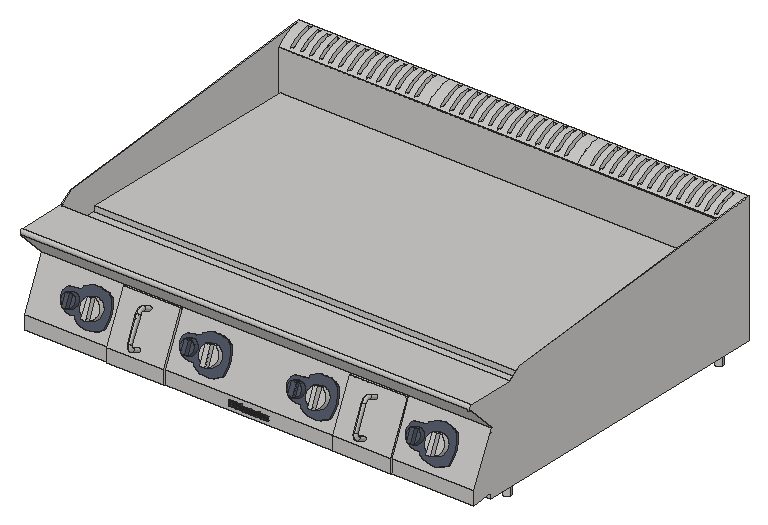
Revit family "QF_ELECTROLUXPROFESSIONAL_391593_E9IIMTAOMII", category Attrezzature speciali, Revit 2018 (continued)
Automatic sketch dimensions
  Extrusion 3 sketch curve to Extrusion 3 sketch curve = 0.002 mm
  Extrusion 3 sketch curve to Extrusion 3 sketch curve = 0.561 mm
  Extrusion 3 sketch curve to Extrusion 3 sketch curve = 0.592 mm
  Extrusion 3 sketch curve to Extrusion 3 sketch curve = 2.692 mm
  Extrusion 3 sketch curve to Extrusion 3 sketch curve = 1.259 mm
  Extrusion 3 sketch curve to Extrusion 3 sketch curve = 0.802 mm
  Extrusion 3 sketch curve to Extrusion 3 sketch curve = 1.024 mm
  Extrusion 3 sketch curve to Extrusion 3 sketch curve = 0.682 mm
  Extrusion 3 sketch curve to Extrusion 3 sketch curve = 5.934 mm
  Extrusion 3 sketch curve to Extrusion 3 sketch curve = 2.186 mm
  Extrusion 3 sketch curve to Extrusion 3 sketch curve = 0.337 mm
  Extrusion 3 sketch curve to Extrusion 3 sketch curve = 0.021 mm
  Extrusion 3 sketch curve to Extrusion 3 sketch curve = 1.005 mm
  Extrusion 3 sketch curve to Extrusion 3 sketch curve = 0.552 mm
  Extrusion 3 sketch curve to Extrusion 3 sketch curve = 0.778 mm
  Extrusion 3 sketch curve to Extrusion 3 sketch curve = 0.063 mm
  Extrusion 3 sketch curve to Extrusion 3 sketch curve = 1.023 mm
  Extrusion 3 sketch curve to Extrusion 3 sketch curve = 3.804 mm
  Extrusion 3 sketch curve to Extrusion 3 sketch curve = 0.486 mm
  Extrusion 3 sketch curve to Extrusion 3 sketch curve = 0.266 mm  (x2)
  Extrusion 3 sketch curve to Extrusion 3 sketch curve = 1.547 mm
  Extrusion 3 sketch curve to Extrusion 3 sketch curve = 0.717 mm  (x2)
  Extrusion 3 sketch curve to Extrusion 3 sketch curve = 1.667 mm
  Extrusion 3 sketch curve to Extrusion 3 sketch curve = 3.174 mm
  Extrusion 3 sketch curve to Extrusion 3 sketch curve = 0.388 mm
  Extrusion 3 sketch curve to Extrusion 3 sketch curve = 1.342 mm
  Extrusion 3 sketch curve to Extrusion 3 sketch curve = 1.521 mm
  Extrusion 3 sketch curve to Extrusion 3 sketch curve = 0.124 mm
  Extrusion 3 sketch curve to Extrusion 3 sketch curve = 0.291 mm
  plane 7 "Center Y" to Extrusion 3 sketch curve = 5.548 mm
  Extrusion 3 sketch curve to Extrusion 3 sketch curve = 1.049 mm  (x2)
  Extrusion 3 sketch curve to Extrusion 3 sketch curve = 1.7 mm
  Extrusion 3 sketch curve to Extrusion 3 sketch curve = 0.894 mm
  Extrusion 3 sketch curve to Extrusion 3 sketch curve = 0.989 mm
  Extrusion 3 sketch curve to Extrusion 3 sketch curve = 1.168 mm
  Extrusion 3 sketch curve to Extrusion 3 sketch curve = 1.594 mm
  Extrusion 3 sketch curve to Extrusion 3 sketch curve = 0.731 mm
  Extrusion 3 sketch curve to Extrusion 3 sketch curve = 1.566 mm
  Extrusion 3 sketch curve to Extrusion 3 sketch curve = 0.064 mm
  plane 7 "Center Y" to Extrusion 3 sketch curve = 6.105 mm
  Extrusion 3 sketch curve to Extrusion 3 sketch curve = 0.556 mm  (x2)
  Extrusion 3 sketch curve to Extrusion 3 sketch curve = 0.48 mm
  Extrusion 3 sketch curve to Extrusion 3 sketch curve = 0.228 mm
  Extrusion 3 sketch curve to Extrusion 3 sketch curve = 1.018 mm
  Extrusion 3 sketch curve to Extrusion 3 sketch curve = 0.787 mm
  Extrusion 3 sketch curve to Extrusion 3 sketch curve = 0.618 mm
  Extrusion 3 sketch curve to Extrusion 3 sketch curve = 1.672 mm
  Extrusion 3 sketch curve to Extrusion 3 sketch curve = 1.361 mm
  Extrusion 3 sketch curve to Extrusion 3 sketch curve = 0.822 mm
  Extrusion 3 sketch curve to Extrusion 3 sketch curve = 0.069 mm
  Extrusion 3 sketch curve to Extrusion 3 sketch curve = 1.88 mm
  Extrusion 3 sketch curve to Extrusion 3 sketch curve = 0.42 mm
  Extrusion 3 sketch curve to Extrusion 3 sketch curve = 0.062 mm
  Extrusion 3 sketch curve to Extrusion 3 sketch curve = 1.355 mm
  Extrusion 3 sketch curve to Extrusion 3 sketch curve = 2.34 mm
  Extrusion 3 sketch curve to Extrusion 3 sketch curve = 0.493 mm
  Extrusion 3 sketch curve to Extrusion 3 sketch curve = 0.136 mm
  Extrusion 3 sketch curve to Extrusion 3 sketch curve = 0.128 mm
  Extrusion 3 sketch curve to Extrusion 3 sketch curve = 3.616 mm
  Extrusion 3 sketch curve to Extrusion 3 sketch curve = 4.207 mm
  Extrusion 3 sketch curve to Extrusion 3 sketch curve = 0.183 mm
  Extrusion 3 sketch curve to Extrusion 3 sketch curve = 0.895 mm
  Extrusion 3 sketch curve to Extrusion 3 sketch curve = 1.314 mm
  Extrusion 3 sketch curve to Extrusion 3 sketch curve = 3.231 mm
  Extrusion 3 sketch curve to Extrusion 3 sketch curve = 1.299 mm
  Extrusion 3 sketch curve to Extrusion 3 sketch curve = 1.214 mm
  Extrusion 3 sketch curve to Extrusion 3 sketch curve = 1.264 mm
  Extrusion 3 sketch curve to Extrusion 3 sketch curve = 0.109 mm
  Extrusion 3 sketch curve to Extrusion 3 sketch curve = 0.357 mm
  Extrusion 3 sketch curve to Extrusion 3 sketch curve = 0.565 mm
  Extrusion 3 sketch curve to Extrusion 3 sketch curve = 2.504 mm
  Extrusion 3 sketch curve to Extrusion 3 sketch curve = 2.459 mm
  Extrusion 3 sketch curve to Extrusion 3 sketch curve = 1.322 mm
  Extrusion 3 sketch curve to Extrusion 3 sketch curve = 2.77 mm
  Extrusion 3 sketch curve to Extrusion 3 sketch curve = 2.51 mm
  Extrusion 3 sketch curve to Extrusion 3 sketch curve = 0.187 mm
  Extrusion 3 sketch curve to Extrusion 3 sketch curve = 2.559 mm
  Extrusion 3 sketch curve to Extrusion 3 sketch curve = 1.556 mm
  Extrusion 3 sketch curve to Extrusion 3 sketch curve = 0.222 mm
  Extrusion 3 sketch curve to Extrusion 3 sketch curve = 1.383 mm
  Extrusion 3 sketch curve to Extrusion 3 sketch curve = 3.114 mm
  Extrusion 3 sketch curve to Extrusion 3 sketch curve = 3.376 mm
  Extrusion 3 sketch curve to Extrusion 3 sketch curve = 0.934 mm
  Extrusion 3 sketch curve to Extrusion 3 sketch curve = 0.191 mm
  Extrusion 3 sketch curve to Extrusion 3 sketch curve = 3.696 mm
  Extrusion 3 sketch curve to Extrusion 3 sketch curve = 2.708 mm
  Extrusion 3 sketch curve to Extrusion 3 sketch curve = 3.333 mm
  Extrusion 3 sketch curve to Extrusion 3 sketch curve = 0.332 mm
  Extrusion 3 sketch curve to Extrusion 3 sketch curve = 1.087 mm
  Extrusion 3 sketch curve to Extrusion 3 sketch curve = 2.23 mm
  Extrusion 3 sketch curve to Extrusion 3 sketch curve = 2.757 mm
  Extrusion 3 sketch curve to Extrusion 3 sketch curve = 0.987 mm
  Extrusion 3 sketch curve to Extrusion 3 sketch curve = 1.529 mm
  Extrusion 3 sketch curve to Extrusion 3 sketch curve = 1.796 mm
  Extrusion 3 sketch curve to Extrusion 3 sketch curve = 2.859 mm
  Extrusion 3 sketch curve to Extrusion 3 sketch curve = 0.853 mm
  Extrusion 3 sketch curve to Extrusion 3 sketch curve = 1.241 mm
  Extrusion 3 sketch curve to Extrusion 3 sketch curve = 2.046 mm  (x2)
  Extrusion 3 sketch curve to Extrusion 3 sketch curve = 2.422 mm
  Extrusion 3 sketch curve to Extrusion 3 sketch curve = 0.27 mm  (x2)
  Extrusion 3 sketch curve to Extrusion 3 sketch curve = 0.69 mm
  Extrusion 3 sketch curve to Extrusion 3 sketch curve = 0.781 mm  (x2)
  Extrusion 3 sketch curve to Extrusion 3 sketch curve = 3.136 mm
  Extrusion 3 sketch curve to Extrusion 3 sketch curve = 1.767 mm
  Extrusion 3 sketch curve to Extrusion 3 sketch curve = 0.138 mm
  Extrusion 3 sketch curve to Extrusion 3 sketch curve = 0.777 mm
  Extrusion 3 sketch curve to Extrusion 3 sketch curve = 1.19 mm
  Extrusion 3 sketch curve to Extrusion 3 sketch curve = 0.782 mm
  Extrusion 3 sketch curve to Extrusion 3 sketch curve = 1.268 mm
  Extrusion 3 sketch curve to Extrusion 3 sketch curve = 0.422 mm  (x2)
  Extrusion 3 sketch curve to Extrusion 3 sketch curve = 1.559 mm
  Extrusion 3 sketch curve to Extrusion 3 sketch curve = 3.927 mm
  Extrusion 3 sketch curve to Extrusion 3 sketch curve = 0.983 mm
  Extrusion 3 sketch curve to Extrusion 3 sketch curve = 1.134 mm
  Extrusion 3 sketch curve to Extrusion 3 sketch curve = 0.094 mm
  Extrusion 3 sketch curve to Extrusion 3 sketch curve = 1.584 mm
  Extrusion 3 sketch curve to plane 7 "Center Y" = 1.098 mm
  Extrusion 3 sketch curve to Extrusion 3 sketch curve = 0.643 mm
  Extrusion 3 sketch curve to Extrusion 3 sketch curve = 0.916 mm
  Extrusion 3 sketch curve to Extrusion 3 sketch curve = 0.352 mm
  Extrusion 3 sketch curve to Extrusion 3 sketch curve = 0.458 mm
  Extrusion 3 sketch curve to Extrusion 3 sketch curve = 1.282 mm
  Extrusion 3 sketch curve to Extrusion 3 sketch curve = 1.363 mm
  Extrusion 3 sketch curve to Extrusion 3 sketch curve = 0.685 mm
  Extrusion 3 sketch curve to Extrusion 3 sketch curve = 0.905 mm
  Extrusion 3 sketch curve to Extrusion 3 sketch curve = 2.865 mm
  Extrusion 3 sketch curve to Extrusion 3 sketch curve = 0.472 mm
  Extrusion 3 sketch curve to Extrusion 3 sketch curve = 0.101 mm
  Extrusion 3 sketch curve to Extrusion 3 sketch curve = 0.54 mm
  Extrusion 3 sketch curve to Extrusion 3 sketch curve = 0.02 mm
  Extrusion 3 sketch curve to Extrusion 3 sketch curve = 0.468 mm
  Extrusion 3 sketch curve to Extrusion 3 sketch curve = 0.829 mm
  Extrusion 3 sketch curve to Extrusion 3 sketch curve = 0.582 mm
  Extrusion 3 sketch curve to Extrusion 3 sketch curve = 0.166 mm
  Extrusion 3 sketch curve to Extrusion 3 sketch curve = 0.16 mm
  Extrusion 3 sketch curve to Extrusion 3 sketch curve = 2.781 mm
  Extrusion 3 sketch curve to Extrusion 3 sketch curve = 1.118 mm
  Extrusion 3 sketch curve to Extrusion 3 sketch curve = 0.613 mm
  Extrusion 3 sketch curve to Extrusion 3 sketch curve = 0.361 mm
  Extrusion 3 sketch curve to Extrusion 3 sketch curve = 0.897 mm
  Extrusion 3 sketch curve to Extrusion 3 sketch curve = 0.167 mm
  Extrusion 3 sketch curve to Extrusion 3 sketch curve = 0.292 mm
  Extrusion 3 sketch curve to Extrusion 3 sketch curve = 0.305 mm
  Extrusion 3 sketch curve to Extrusion 3 sketch curve = 1.557 mm
  Extrusion 3 sketch curve to Extrusion 3 sketch curve = 2.499 mm
  Extrusion 3 sketch curve to Extrusion 3 sketch curve = 3.062 mm
  Extrusion 3 sketch curve to Extrusion 3 sketch curve = 2.968 mm
  Extrusion 3 sketch curve to Extrusion 3 sketch curve = 5.044 mm
  Extrusion 3 sketch curve to Extrusion 3 sketch curve = 0.629 mm  (x2)
  Extrusion 3 sketch curve to Extrusion 3 sketch curve = 1.131 mm
  Extrusion 3 sketch curve to Extrusion 3 sketch curve = 0.027 mm
  Extrusion 3 sketch curve to Extrusion 3 sketch curve = 2.235 mm
  Extrusion 4 sketch curve to plane 12 = 0 mm
  Extrusion 4 sketch curve to plane 1 "BACK" = 0 mm
  Extrusion 4 sketch curve to plane 6 "TOP" = 0 mm
  Extrusion 4 sketch curve to plane 14 = 28.404 mm
  plane 14 to Extrusion 4 sketch curve = 5 mm
  Extrusion 4 sketch curve to plane 12 = 60 mm
  plane 12 to Extrusion 4 sketch curve = 21.916 mm
  Extrusion 5 sketch curve to plane 1 "BACK" = 0 mm
  Extrusion 5 sketch curve to plane 12 = 0 mm
  Extrusion 5 sketch curve to plane 6 "TOP" = 0 mm
  Extrusion 5 sketch curve to plane 14 = 28.404 mm
  plane 14 to Extrusion 5 sketch curve = 5 mm
  Extrusion 5 sketch curve to plane 12 = 60 mm
  plane 12 to Extrusion 5 sketch curve = 21.916 mm
  Extrusion 6 sketch curve to plane 1 "BACK" = 0 mm
  Extrusion 6 sketch curve to plane 6 "TOP" = 0 mm
  Extrusion 6 sketch curve to plane 13 = 12.15 mm
  Extrusion 6 sketch curve to plane 1 "BACK" = 5.211 mm
  Extrusion 6 sketch curve to plane 6 "TOP" = 31.7 mm
  plane 1 "BACK" to Extrusion 7 sketch curve = 6.761 mm  (x14)
  Extrusion 7 sketch curve to plane 13 = 18.089 mm  (x7)
  Extrusion 7 sketch curve to Extrusion 7 sketch curve = 0 mm  (x7)
  Extrusion 7 sketch curve to plane 11 = 18.703 mm
  Extrusion 7 sketch curve to Extrusion 7 sketch curve = 9.296 mm  (x14)
  Extrusion 7 sketch curve to Extrusion 7 sketch curve = 16.193 mm  (x13)
  Extrusion 8 sketch curve to plane 1 "BACK" = 0 mm
  Extrusion 8 sketch curve to plane 6 "TOP" = 0 mm
  Extrusion 8 sketch curve to plane 13 = 12.15 mm
  Extrusion 8 sketch curve to plane 1 "BACK" = 5.211 mm
  Extrusion 8 sketch curve to plane 6 "TOP" = 31.7 mm
  plane 1 "BACK" to Extrusion 9 sketch curve = 6.761 mm  (x14)
  Extrusion 9 sketch curve to plane 13 = 18.089 mm  (x7)
  Extrusion 9 sketch curve to plane 7 "Center Y" = 8.021 mm
  Extrusion 9 sketch curve to Extrusion 9 sketch curve = 0 mm  (x7)
  Extrusion 9 sketch curve to Extrusion 9 sketch curve = 9.296 mm  (x14)
  Extrusion 9 sketch curve to Extrusion 9 sketch curve = 16.193 mm  (x12)
  plane 7 "Center Y" to Extrusion 9 sketch curve = 8.171 mm
  Extrusion 10 sketch curve to plane 1 "BACK" = 0 mm
  Extrusion 10 sketch curve to plane 6 "TOP" = 0 mm
  Extrusion 10 sketch curve to plane 13 = 12.15 mm
  Extrusion 10 sketch curve to plane 1 "BACK" = 5.211 mm
  Extrusion 10 sketch curve to plane 6 "TOP" = 31.7 mm
  plane 1 "BACK" to Extrusion 11 sketch curve = 6.761 mm  (x14)
  Extrusion 11 sketch curve to plane 13 = 18.089 mm  (x7)
  Extrusion 11 sketch curve to Extrusion 11 sketch curve = 0 mm  (x7)
  plane 7 "Center Y" to Extrusion 11 sketch curve = 229.803 mm
  Extrusion 11 sketch curve to Extrusion 11 sketch curve = 9.296 mm  (x14)
  Extrusion 11 sketch curve to Extrusion 11 sketch curve = 16.193 mm  (x13)
  Extrusion 12 sketch curve to plane 12 = 45 mm
  Extrusion 12 sketch curve to plane 14 = 100.044 mm
  Extrusion 12 sketch curve to plane 13 = 10.485 mm
  Extrusion 12 sketch curve to Extrusion 12 sketch curve = 15 mm
  Extrusion 1 to Extrusion 13 sketch curve = 0 mm
  Extrusion 1 to Extrusion 13 sketch curve = 1.6 mm  (x2)
  Extrusion 1 to Extrusion 13 sketch curve = 71.515 mm
  Extrusion 14 sketch curve to plane 5 "FRONT" = 11.8 mm
  Extrusion 14 sketch curve to Extrusion 14 sketch curve = 3.2 mm
  Extrusion 14 sketch curve to plane 5 "FRONT" = 68.449 mm
  Extrusion 14 sketch curve to Extrusion 14 sketch curve = 2.907 mm
  plane 9 to Extrusion 14 sketch curve = 6.922 mm
  Extrusion 14 sketch curve to Extrusion 14 sketch curve = 34.792 mm
  Extrusion 14 sketch curve to Extrusion 14 sketch curve = 0.701 mm
  plane 9 to Extrusion 15 sketch curve = 6.922 mm
  plane 17 to Extrusion 15 sketch curve = 24.406 mm
  plane 17 to Extrusion 15 sketch curve = 81.055 mm
  Extrusion 15 sketch curve to plane 5 "FRONT" = 11.8 mm
  Extrusion 15 sketch curve to plane 5 "FRONT" = 68.449 mm
  Extrusion 15 sketch curve to Extrusion 15 sketch curve = 35.493 mm  (x2)
  Extrusion 15 sketch curve to plane 12 = 85.504 mm
  Extrusion 16 sketch curve to plane 5 "FRONT" = 11.8 mm
  Extrusion 16 sketch curve to Extrusion 16 sketch curve = 3.2 mm
  Extrusion 16 sketch curve to plane 5 "FRONT" = 68.449 mm
  Extrusion 16 sketch curve to Extrusion 16 sketch curve = 2.907 mm
  Extrusion 16 sketch curve to plane 12 = 85.504 mm
  Extrusion 16 sketch curve to Extrusion 16 sketch curve = 1.338 mm
  plane 9 to Extrusion 16 sketch curve = 6.922 mm
  plane 17 to Extrusion 17 sketch curve = 24.406 mm
  plane 17 to Extrusion 17 sketch curve = 81.055 mm
  Extrusion 17 sketch curve to plane 5 "FRONT" = 11.8 mm
  Extrusion 17 sketch curve to plane 5 "FRONT" = 68.449 mm
  Extrusion 17 sketch curve to plane 12 = 85.504 mm
  plane 9 to Extrusion 17 sketch curve = 42.415 mm  (x2)
  plane 9 to Extrusion 17 sketch curve = 6.922 mm
  Extrusion 18 sketch curve to Extrusion 18 sketch curve = 0 mm  (x2)
  Extrusion 18 sketch curve to plane 7 "Center Y" = 150.643 mm
  Extrusion 18 sketch curve to Extrusion 18 sketch curve = 112.63 mm
  Extrusion 18 sketch curve to Extrusion 18 sketch curve = 1.398 mm
  Extrusion 18 sketch curve to Extrusion 18 sketch curve = 5.918 mm
  Extrusion 18 sketch curve to Extrusion 18 sketch curve = 7.825 mm
  Extrusion 18 sketch curve to Extrusion 18 sketch curve = 12.433 mm
  Extrusion 18 sketch curve to Extrusion 18 sketch curve = 33.329 mm
  Extrusion 18 sketch curve to Extrusion 18 sketch curve = 28.808 mm
  Extrusion 18 sketch curve to Extrusion 18 sketch curve = 2.986 mm
  Extrusion 18 sketch curve to Extrusion 18 sketch curve = 35.441 mm
  Extrusion 18 sketch curve to Extrusion 18 sketch curve = 23.969 mm
  Extrusion 18 sketch curve to Extrusion 18 sketch curve = 31.993 mm
  Extrusion 18 sketch curve to Extrusion 18 sketch curve = 0.131 mm
  Extrusion 18 sketch curve to Extrusion 18 sketch curve = 36.738 mm
  Extrusion 18 sketch curve to Extrusion 18 sketch curve = 6.105 mm
  Extrusion 18 sketch curve to plane 7 "Center Y" = 119.675 mm
  Extrusion 18 sketch curve to Extrusion 18 sketch curve = 0.002 mm
  Extrusion 18 sketch curve to Extrusion 18 sketch curve = 38.412 mm
  Extrusion 18 sketch curve to Extrusion 18 sketch curve = 39.831 mm
  Extrusion 18 sketch curve to Extrusion 18 sketch curve = 6.427 mm
  Extrusion 18 sketch curve to Extrusion 18 sketch curve = 11.842 mm
  Extrusion 20 sketch curve to Extrusion 20 sketch curve = 24.732 mm
  Extrusion 20 sketch curve to Extrusion 20 sketch curve = 0 mm
  Extrusion 22 sketch curve to Extrusion 22 sketch curve = 0 mm
  Extrusion 22 sketch curve to Extrusion 22 sketch curve = 7.232 mm  (x3)
  Extrusion 22 sketch curve to Extrusion 22 sketch curve = 17.5 mm
  Extrusion 22 sketch curve to Extrusion 22 sketch curve = 5.786 mm
  Extrusion 23 sketch curve to Extrusion 23 sketch curve = 0 mm  (x2)
  Extrusion 23 sketch curve to plane 11 = 120.857 mm
  Extrusion 23 sketch curve to Extrusion 23 sketch curve = 112.63 mm
  Extrusion 23 sketch curve to Extrusion 23 sketch curve = 1.398 mm
  Extrusion 23 sketch curve to Extrusion 23 sketch curve = 5.918 mm
  Extrusion 23 sketch curve to Extrusion 23 sketch curve = 7.825 mm
  Extrusion 23 sketch curve to Extrusion 23 sketch curve = 12.433 mm
  Extrusion 23 sketch curve to Extrusion 23 sketch curve = 33.329 mm
  Extrusion 23 sketch curve to Extrusion 23 sketch curve = 28.808 mm
  Extrusion 23 sketch curve to Extrusion 23 sketch curve = 2.986 mm
  Extrusion 23 sketch curve to Extrusion 23 sketch curve = 35.441 mm
  Extrusion 23 sketch curve to Extrusion 23 sketch curve = 23.969 mm
  Extrusion 23 sketch curve to Extrusion 23 sketch curve = 31.993 mm
  Extrusion 23 sketch curve to Extrusion 23 sketch curve = 0.131 mm
  Extrusion 23 sketch curve to Extrusion 23 sketch curve = 36.738 mm
  Extrusion 23 sketch curve to Extrusion 23 sketch curve = 6.105 mm
  Extrusion 23 sketch curve to plane 11 = 151.825 mm
  Extrusion 23 sketch curve to Extrusion 23 sketch curve = 0.002 mm
  Extrusion 23 sketch curve to Extrusion 23 sketch curve = 38.412 mm
  Extrusion 23 sketch curve to Extrusion 23 sketch curve = 39.831 mm
  Extrusion 23 sketch curve to Extrusion 23 sketch curve = 6.427 mm
  Extrusion 23 sketch curve to Extrusion 23 sketch curve = 11.842 mm
  Extrusion 25 sketch curve to Extrusion 25 sketch curve = 24.732 mm
  Extrusion 25 sketch curve to Extrusion 25 sketch curve = 0 mm
  Extrusion 27 sketch curve to Extrusion 27 sketch curve = 0 mm
  Extrusion 27 sketch curve to Extrusion 27 sketch curve = 7.232 mm  (x3)
  Extrusion 27 sketch curve to Extrusion 27 sketch curve = 17.5 mm
  Extrusion 27 sketch curve to Extrusion 27 sketch curve = 5.786 mm
  Extrusion 28 sketch curve to Extrusion 28 sketch curve = 0 mm  (x2)
  Extrusion 28 sketch curve to plane 10 = 135.793 mm
  Extrusion 28 sketch curve to Extrusion 28 sketch curve = 112.63 mm
  Extrusion 28 sketch curve to Extrusion 28 sketch curve = 1.398 mm
  Extrusion 28 sketch curve to Extrusion 28 sketch curve = 5.918 mm
  Extrusion 28 sketch curve to Extrusion 28 sketch curve = 7.825 mm
  Extrusion 28 sketch curve to Extrusion 28 sketch curve = 12.433 mm
  Extrusion 28 sketch curve to Extrusion 28 sketch curve = 33.329 mm
  Extrusion 28 sketch curve to Extrusion 28 sketch curve = 28.808 mm
  Extrusion 28 sketch curve to Extrusion 28 sketch curve = 2.986 mm
  Extrusion 28 sketch curve to Extrusion 28 sketch curve = 35.441 mm
  Extrusion 28 sketch curve to Extrusion 28 sketch curve = 23.969 mm
  Extrusion 28 sketch curve to Extrusion 28 sketch curve = 31.993 mm
  Extrusion 28 sketch curve to Extrusion 28 sketch curve = 0.131 mm
  Extrusion 28 sketch curve to Extrusion 28 sketch curve = 36.738 mm
  Extrusion 28 sketch curve to Extrusion 28 sketch curve = 6.105 mm
  Extrusion 28 sketch curve to plane 10 = 104.825 mm
  Extrusion 28 sketch curve to Extrusion 28 sketch curve = 0.002 mm
  Extrusion 28 sketch curve to Extrusion 28 sketch curve = 38.412 mm
  Extrusion 28 sketch curve to Extrusion 28 sketch curve = 39.831 mm
  Extrusion 28 sketch curve to Extrusion 28 sketch curve = 6.427 mm
  Extrusion 28 sketch curve to Extrusion 28 sketch curve = 11.842 mm
  Extrusion 30 sketch curve to Extrusion 30 sketch curve = 24.732 mm
  Extrusion 30 sketch curve to Extrusion 30 sketch curve = 0 mm
  Extrusion 32 sketch curve to Extrusion 32 sketch curve = 0 mm
  Extrusion 32 sketch curve to Extrusion 32 sketch curve = 7.232 mm  (x3)
  Extrusion 32 sketch curve to Extrusion 32 sketch curve = 17.5 mm
  Extrusion 32 sketch curve to Extrusion 32 sketch curve = 5.786 mm
  Extrusion 33 sketch curve to Extrusion 33 sketch curve = 0 mm  (x2)
  plane 7 "Center Y" to Extrusion 33 sketch curve = 135.707 mm
  Extrusion 33 sketch curve to Extrusion 33 sketch curve = 112.63 mm
  Extrusion 33 sketch curve to Extrusion 33 sketch curve = 1.398 mm
  Extrusion 33 sketch curve to Extrusion 33 sketch curve = 5.918 mm
  Extrusion 33 sketch curve to Extrusion 33 sketch curve = 7.825 mm
  Extrusion 33 sketch curve to Extrusion 33 sketch curve = 12.433 mm
  Extrusion 33 sketch curve to Extrusion 33 sketch curve = 33.329 mm
  Extrusion 33 sketch curve to Extrusion 33 sketch curve = 28.808 mm
  Extrusion 33 sketch curve to Extrusion 33 sketch curve = 2.986 mm
  Extrusion 33 sketch curve to Extrusion 33 sketch curve = 35.441 mm
  Extrusion 33 sketch curve to Extrusion 33 sketch curve = 23.969 mm
  Extrusion 33 sketch curve to Extrusion 33 sketch curve = 31.993 mm
  Extrusion 33 sketch curve to Extrusion 33 sketch curve = 0.131 mm
  Extrusion 33 sketch curve to Extrusion 33 sketch curve = 36.738 mm
  Extrusion 33 sketch curve to Extrusion 33 sketch curve = 6.105 mm
  plane 7 "Center Y" to Extrusion 33 sketch curve = 166.675 mm
  Extrusion 33 sketch curve to Extrusion 33 sketch curve = 0.002 mm
  Extrusion 33 sketch curve to Extrusion 33 sketch curve = 38.412 mm
  Extrusion 33 sketch curve to Extrusion 33 sketch curve = 39.831 mm
  Extrusion 33 sketch curve to Extrusion 33 sketch curve = 6.427 mm
  Extrusion 33 sketch curve to Extrusion 33 sketch curve = 11.842 mm
  Extrusion 35 sketch curve to Extrusion 35 sketch curve = 24.732 mm
  Extrusion 35 sketch curve to Extrusion 35 sketch curve = 0 mm
  Extrusion 37 sketch curve to Extrusion 37 sketch curve = 0 mm
  Extrusion 37 sketch curve to Extrusion 37 sketch curve = 7.232 mm  (x3)
  Extrusion 37 sketch curve to Extrusion 37 sketch curve = 17.5 mm
  Extrusion 37 sketch curve to Extrusion 37 sketch curve = 5.786 mm
  Extrusion 38 sketch curve to Extrusion 6 = 277.95 mm
  Extrusion 38 sketch curve to Extrusion 6 = 754.95 mm
  plane 17 to Sweep 39 sketch curve = 5.74 mm
  plane 17 to Sweep 39 sketch curve = 11.967 mm
  Sweep 39 sketch curve to Sweep 39 sketch curve = 11.537 mm  (x3)
  Sweep 39 sketch curve to Sweep 39 sketch curve = 20.629 mm  (x2)
  plane 17 to Sweep 39 sketch curve = 33.288 mm
  Sweep 39 sketch curve to Sweep 39 sketch curve = 5.31 mm  (x2)
  plane 9 to Sweep 39 sketch curve = 60.209 mm
  Sweep 39 sketch curve to Sweep 39 sketch curve = 9.495 mm
  Sweep 39 sketch curve to Sweep 39 sketch curve = 59.852 mm
  Sweep 39 sketch curve to Sweep 39 sketch curve = 2.042 mm
  Sweep 39 sketch curve to profile plane = 0 mm  (x2)
  plane 17 to Sweep 40 sketch curve = 5.74 mm
  plane 17 to Sweep 40 sketch curve = 11.967 mm
  Sweep 40 sketch curve to Sweep 40 sketch curve = 11.537 mm  (x2)
  Sweep 40 sketch curve to Sweep 40 sketch curve = 20.629 mm  (x2)
  plane 17 to Sweep 40 sketch curve = 33.288 mm
  Sweep 40 sketch curve to Sweep 40 sketch curve = 5.31 mm  (x2)
  Sweep 40 sketch curve to plane 12 = 98.37 mm
  Sweep 40 sketch curve to Sweep 40 sketch curve = 6.227 mm
  Sweep 40 sketch curve to Sweep 40 sketch curve = 9.495 mm  (x2)
  Sweep 40 sketch curve to Sweep 40 sketch curve = 59.852 mm
  profile plane to Sweep 40 sketch curve = 0 mm
  Sweep 40 sketch curve to profile plane = 0 mm
  plane 5 "FRONT" to Extrusion 42 sketch curve = 0 mm  (x2)
  Extrusion 42 sketch curve to plane 3 "LEFT" = 0 mm
  plane 1 "BACK" to Extrusion 42 sketch curve = 0 mm
  Extrusion 42 sketch curve to plane 4 "RIGHT" = 0 mm
  Extrusion 42 sketch curve to plane 3 "LEFT" = 100 mm
  Extrusion 42 sketch curve to plane 4 "RIGHT" = 100 mm
  Extrusion 42 sketch curve to plane 1 "BACK" = 100 mm
  plane 5 "FRONT" to Sweep 43 sketch curve = 6.866 mm
  plane 5 "FRONT" to Sweep 43 sketch curve = 0.639 mm
  Sweep 43 sketch curve to plane 5 "FRONT" = 4.671 mm
  Sweep 43 sketch curve to plane 5 "FRONT" = 19.99 mm
  Sweep 43 sketch curve to plane 5 "FRONT" = 20.682 mm
  Sweep 43 sketch curve to Sweep 43 sketch curve = 11.537 mm  (x2)
  Sweep 43 sketch curve to Sweep 43 sketch curve = 5.31 mm  (x2)
  Sweep 43 sketch curve to Sweep 43 sketch curve = 20.629 mm
  plane 9 to Sweep 43 sketch curve = 60.209 mm
  Sweep 43 sketch curve to Sweep 43 sketch curve = 9.495 mm
  Sweep 43 sketch curve to Sweep 43 sketch curve = 59.852 mm
  Sweep 43 sketch curve to Sweep 43 sketch curve = 2.042 mm
  Sweep 43 sketch curve to profile plane = 0 mm  (x2)
  plane 5 "FRONT" to Sweep 44 sketch curve = 6.866 mm
  plane 5 "FRONT" to Sweep 44 sketch curve = 0.639 mm
  Sweep 44 sketch curve to plane 5 "FRONT" = 4.671 mm
  Sweep 44 sketch curve to plane 5 "FRONT" = 19.99 mm
  Sweep 44 sketch curve to plane 5 "FRONT" = 20.682 mm
  Sweep 44 sketch curve to Sweep 44 sketch curve = 11.537 mm
  Sweep 44 sketch curve to Sweep 44 sketch curve = 5.31 mm  (x2)
  Sweep 44 sketch curve to Sweep 44 sketch curve = 20.629 mm
  Sweep 44 sketch curve to plane 12 = 98.37 mm
  Sweep 44 sketch curve to Sweep 44 sketch curve = 6.227 mm
  Sweep 44 sketch curve to Sweep 44 sketch curve = 9.495 mm  (x2)
  Sweep 44 sketch curve to Sweep 44 sketch curve = 59.852 mm
  profile plane to Sweep 44 sketch curve = 0 mm
  Sweep 44 sketch curve to profile plane = 0 mm
  plane 5 "FRONT" to curve 198 = 0 mm
  curve 4 to plane 3 "LEFT" = 0 mm
  curve 7 to plane 15 = 0 mm
  plane 5 "FRONT" to curve 9 = 0 mm
  plane 1 "BACK" to curve 200 = 0 mm
  curve 7 to plane 16 = 0 mm
  curve 6 to plane 4 "RIGHT" = 0 mm
  plane 5 "FRONT" to curve 196 = 0 mm
  curve 198 to plane 3 "LEFT" = 100 mm
  plane 3 "LEFT" to curve 8 = 1.6 mm
  curve 195 to plane 11 = 18.703 mm
  curve 192 to curve 193 = 9.296 mm
  curve 192 to curve 191 = 16.193 mm
  curve 188 to curve 189 = 9.296 mm
  plane 1 "BACK" to curve 187 = 6.761 mm
  curve 189 to curve 187 = 16.193 mm
  curve 186 to curve 186 = 9.296 mm
  curve 184 to curve 180 = 16.193 mm
  curve 182 to curve 181 = 9.296 mm
  curve 180 to curve 179 = 16.193 mm
  curve 176 to curve 177 = 9.296 mm
  plane 1 "BACK" to curve 175 = 6.761 mm
  curve 177 to curve 175 = 16.193 mm
  curve 172 to curve 173 = 9.296 mm
  plane 1 "BACK" to curve 171 = 6.761 mm
  curve 173 to curve 171 = 16.193 mm
  curve 168 to curve 168 = 9.296 mm
  plane 1 "BACK" to curve 167 = 6.761 mm
  curve 169 to curve 167 = 16.193 mm
  curve 166 to curve 166 = 9.296 mm
  plane 17 to curve 10 = 24.406 mm
  curve 10 to plane 11 = 210.15 mm
  plane 1 "BACK" to curve 163 = 6.761 mm
  curve 165 to curve 163 = 16.193 mm
  curve 160 to curve 161 = 9.296 mm
  curve 160 to curve 159 = 16.193 mm
  curve 156 to curve 157 = 9.296 mm
  curve 156 to curve 152 = 16.193 mm
  curve 9 to curve 13 = 72.72 mm
  curve 154 to curve 154 = 9.296 mm
  curve 13 to curve 14 = 0.212 mm
  curve 14 to curve 13 = 3.76 mm
  curve 12 to curve 13 = 0.703 mm
  curve 1 to plane 14 = 46.064 mm
  curve 9 to curve 1 = 78.422 mm
  curve 152 to curve 148 = 16.193 mm
  curve 150 to curve 149 = 9.296 mm
  curve 148 to curve 144 = 16.193 mm
  curve 146 to curve 145 = 9.296 mm
  curve 144 to curve 140 = 16.193 mm
  curve 142 to curve 141 = 9.296 mm
  plane 17 to curve 11 = 24.406 mm
  curve 17 to curve 11 = 71.781 mm
  curve 200 to plane 13 = 10.485 mm
  curve 140 to curve 200 = 29.703 mm
  plane 1 "BACK" to curve 139 = 6.761 mm
  curve 200 to curve 139 = 29.703 mm
  curve 136 to curve 137 = 9.296 mm
  curve 136 to curve 132 = 16.193 mm
  curve 132 to curve 133 = 9.296 mm
  curve 132 to curve 128 = 16.193 mm
  curve 128 to curve 129 = 9.296 mm
  plane 1 "BACK" to curve 126 = 6.761 mm
  curve 129 to curve 126 = 16.193 mm
  curve 124 to curve 125 = 9.296 mm
  plane 1 "BACK" to curve 123 = 6.761 mm
  curve 125 to curve 123 = 16.193 mm
  curve 120 to curve 121 = 9.296 mm
  curve 120 to curve 116 = 16.193 mm
  curve 116 to curve 117 = 9.296 mm
  curve 116 to curve 112 = 16.193 mm
  curve 112 to plane 7 "Center Y" = 8.021 mm
  plane 7 "Center Y" to curve 111 = 8.171 mm
  curve 110 to curve 109 = 9.296 mm
  curve 108 to curve 107 = 16.193 mm
  curve 104 to curve 105 = 9.296 mm
  plane 1 "BACK" to curve 103 = 6.761 mm
  curve 105 to curve 103 = 16.193 mm
  curve 100 to curve 101 = 9.296 mm
  plane 1 "BACK" to curve 98 = 6.761 mm
  curve 101 to curve 98 = 16.193 mm
  curve 98 to curve 98 = 9.296 mm
  curve 96 to curve 95 = 16.193 mm
  curve 92 to curve 93 = 9.296 mm
  curve 92 to curve 91 = 16.193 mm
  curve 88 to curve 89 = 9.296 mm
  plane 1 "BACK" to curve 86 = 6.761 mm
  curve 89 to curve 86 = 16.193 mm
  curve 84 to curve 85 = 9.296 mm
  curve 85 to curve 199 = 29.703 mm
  plane 7 "Center Y" to curve 18 = 225 mm
  plane 1 "BACK" to curve 82 = 6.761 mm
  curve 199 to curve 82 = 29.703 mm
  curve 82 to curve 81 = 9.296 mm
  curve 80 to curve 79 = 16.193 mm
  curve 78 to curve 77 = 9.296 mm
  curve 76 to curve 75 = 16.193 mm
  curve 72 to curve 72 = 9.296 mm
  curve 18 to curve 22 = 72.72 mm
  plane 17 to curve 23 = 4.569 mm
  curve 22 to curve 23 = 0.212 mm
  curve 2 to plane 14 = 46.064 mm
  curve 18 to curve 2 = 75.428 mm
  curve 21 to curve 21 = 3.76 mm
  curve 21 to curve 22 = 0.703 mm
  plane 1 "BACK" to curve 71 = 6.761 mm
  curve 73 to curve 71 = 16.193 mm
  curve 68 to curve 69 = 9.296 mm
  curve 68 to curve 64 = 16.193 mm
  curve 66 to curve 66 = 9.296 mm
  curve 64 to curve 63 = 16.193 mm
  curve 62 to curve 62 = 9.296 mm
  plane 17 to curve 26 = 24.406 mm
  curve 26 to curve 26 = 71.781 mm
  plane 1 "BACK" to curve 58 = 6.761 mm
  curve 61 to curve 58 = 16.193 mm
  curve 58 to curve 57 = 9.296 mm
  plane 1 "BACK" to curve 54 = 6.761 mm
  curve 57 to curve 54 = 16.193 mm
  curve 52 to curve 53 = 9.296 mm
  plane 1 "BACK" to curve 51 = 6.761 mm
  curve 53 to curve 51 = 16.193 mm
  curve 50 to curve 50 = 9.296 mm
  plane 1 "BACK" to curve 46 = 6.761 mm
  curve 49 to curve 46 = 16.193 mm
  curve 44 to curve 44 = 9.296 mm
  curve 44 to curve 40 = 16.193 mm
  curve 42 to curve 41 = 9.296 mm
  plane 1 "BACK" to curve 38 = 6.761 mm
  curve 41 to curve 38 = 16.193 mm
  curve 36 to curve 37 = 9.296 mm
  curve 36 to curve 32 = 16.193 mm
  curve 32 to curve 32 = 9.296 mm
  curve 32 to curve 28 = 16.193 mm
  curve 30 to curve 30 = 9.296 mm
  plane 4 "RIGHT" to curve 8 = 1.6 mm
  curve 196 to plane 4 "RIGHT" = 100 mm
  plane 17 to curve 15 = 4.569 mm
  plane 17 to curve 19 = 24.406 mm
  curve 10 to curve 12 = 46.357 mm
  curve 19 to curve 21 = 46.357 mm
  curve 13 to curve 12 = 0 mm
  curve 21 to curve 22 = 0 mm
  curve 12 to curve 13 = 1.901 mm
  curve 21 to curve 21 = 1.901 mm
  plane 14 to curve 8 = 5 mm
  curve 7 to plane 14 = 100.044 mm
  curve 28 to plane 13 = 18.089 mm
  curve 195 to plane 13 = 18.089 mm
  curve 32 to curve 28 = 0 mm
  curve 192 to curve 191 = 0 mm
  curve 36 to curve 32 = 0 mm
  curve 188 to curve 187 = 0 mm
  curve 40 to curve 36 = 0 mm
  curve 184 to curve 183 = 0 mm
  curve 44 to curve 40 = 0 mm
  curve 180 to curve 179 = 0 mm
  curve 48 to curve 44 = 0 mm
  curve 176 to curve 175 = 0 mm
  curve 52 to curve 48 = 0 mm
  curve 172 to curve 171 = 0 mm
  curve 56 to curve 52 = 0 mm
  curve 168 to curve 167 = 0 mm
  curve 60 to curve 56 = 0 mm
  curve 164 to curve 163 = 0 mm
  curve 64 to curve 60 = 0 mm
  curve 160 to curve 159 = 0 mm
  curve 68 to curve 64 = 0 mm
  curve 156 to curve 155 = 0 mm
  curve 72 to curve 68 = 0 mm
  curve 152 to curve 151 = 0 mm
  curve 76 to curve 72 = 0 mm
  curve 148 to curve 147 = 0 mm
  curve 80 to curve 76 = 0 mm
  curve 144 to curve 143 = 0 mm
  curve 84 to plane 13 = 18.089 mm
  curve 139 to plane 13 = 18.089 mm
  curve 88 to curve 84 = 0 mm
  curve 136 to curve 135 = 0 mm
  curve 92 to curve 88 = 0 mm
  curve 132 to curve 131 = 0 mm
  curve 96 to curve 92 = 0 mm
  curve 128 to curve 127 = 0 mm
  curve 100 to curve 96 = 0 mm
  curve 124 to curve 123 = 0 mm
  curve 104 to curve 100 = 0 mm
  curve 120 to curve 119 = 0 mm
  curve 108 to curve 104 = 0 mm
  curve 116 to curve 115 = 0 mm
  plane 1 "BACK" to curve 111 = 6.761 mm
  plane 1 "BACK" to curve 113 = 6.761 mm
  plane 1 "BACK" to curve 107 = 6.761 mm
  plane 1 "BACK" to curve 117 = 6.761 mm
  plane 1 "BACK" to curve 95 = 6.761 mm
  plane 1 "BACK" to curve 129 = 6.761 mm
  plane 1 "BACK" to curve 91 = 6.761 mm
  plane 1 "BACK" to curve 133 = 6.761 mm
  plane 1 "BACK" to curve 141 = 6.761 mm
  plane 1 "BACK" to curve 79 = 6.761 mm
  plane 1 "BACK" to curve 145 = 6.761 mm
  plane 1 "BACK" to curve 75 = 6.761 mm
  plane 1 "BACK" to curve 149 = 6.761 mm
  plane 1 "BACK" to curve 153 = 6.761 mm
  plane 1 "BACK" to curve 67 = 6.761 mm
  plane 1 "BACK" to curve 157 = 6.761 mm
  plane 1 "BACK" to curve 63 = 6.761 mm
  plane 1 "BACK" to curve 177 = 6.761 mm
  plane 1 "BACK" to curve 43 = 6.761 mm
  plane 1 "BACK" to curve 181 = 6.761 mm
  plane 1 "BACK" to curve 35 = 6.761 mm
  plane 1 "BACK" to curve 189 = 6.761 mm
  plane 1 "BACK" to curve 31 = 6.761 mm
  plane 1 "BACK" to curve 193 = 6.761 mm
  curve 197 to plane 1 "BACK" = 100 mm
  radius of Extrusion 2 sketch curve = 9.525 mm  (x4)
  radius of Extrusion 19 sketch curve = 25.4 mm
  radius of Extrusion 20 sketch curve to Extrusion 19 = 0 mm  (x2)
  radius of Extrusion 21 sketch curve = 18.37 mm
  radius of Extrusion 24 sketch curve = 25.4 mm
  radius of Extrusion 25 sketch curve to Extrusion 24 = 0 mm  (x2)
  radius of Extrusion 26 sketch curve = 18.37 mm
  radius of Extrusion 29 sketch curve = 25.4 mm
  radius of Extrusion 30 sketch curve to Extrusion 29 = 0 mm  (x2)
  radius of Extrusion 31 sketch curve = 18.37 mm
  radius of Extrusion 34 sketch curve = 25.4 mm
  radius of Extrusion 35 sketch curve to Extrusion 34 = 0 mm  (x2)
  radius of Extrusion 36 sketch curve = 18.37 mm
  radius of Extrusion 38 sketch curve = 6.35 mm
  radius of Sweep 39 sketch curve = 4.572 mm
  radius of Sweep 40 sketch curve = 4.572 mm
  radius of Sweep 43 sketch curve = 4.572 mm
  radius of Sweep 44 sketch curve = 4.572 mm
  radius of curve 1 = 20 mm
  radius of curve 2 = 20 mm
Connectors
  piping at (1155, 1.6, 59.35), diameter 12.8
    settings: on Extrusion 38, index 1, connector inside diameter 0.50394", connector length 0 mm, flow factor 0, pipe flow 0 GPM, pressure drop 0.00 psi, fitting loss kfactor 0, connector angle 0.00°, fixture units 0, engagement length 0 mm, angle of deflection 0.00°, flow configuration 1, flow direction 1, fitting loss method 0, system type 7, joint type 0, gender type 0, connector reference index -1, connector utility 0, adjustable connector no, is connector primary yes, connector description "GAS CONNECTION"
Types (2, lengths in mm): name | URL | Modello | Produttore | Gas Size | Descrizione
  (no name) | "www.electrolux.com" | "391061" | "ELECTROLUX" | 0" | "900XP GAS FRY TOP, SMOOTH HORIZONTAL PLATE, MILD STEEL HP - 1200mm"
  Standard | "https://www.electroluxprofessional.com/" | "E9IIMTAOMII" | "Electrolux Professional" | 1/2" | "GAS FRY TOP HP SMOOTH+RIBBED PLATE 1200MM - SCRATCH RESISTANT NITROCHROME3 - QMARK"
